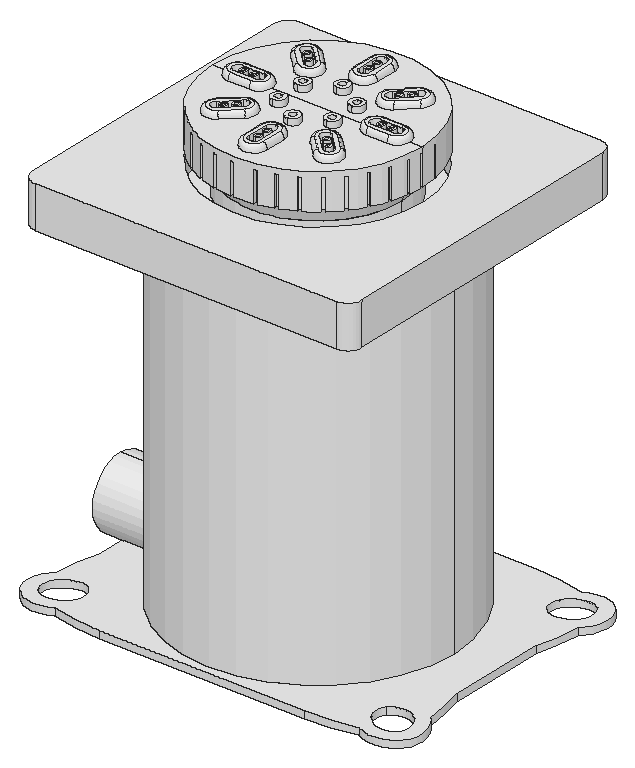
Revit family "xxxBody_Spray-Grohe-Rainshower-Aqua-26745_Series", category Plumbing Fixtures, host Face, Revit 2019
Family settings
  Host = Face
  Round Connector Dimension = Use Diameter
  Part Type = Normal
  OmniClass Number = 23.45.05.14.17
  OmniClass Title = Showers
  Cut with Voids When Loaded = No
  Shared = Yes
  Room Calculation Point = No
Parameters (values of type "26744000")
  Width = 2 15/16"
  Waste Connection = no
  WFU = 4  # constant formula
  Vent Connection = no
  URL = "https://www.grohe.us/"
  Type Comments = ""
  Tempered Water Connection Diameter = 1/2"  # constant formula
  Tempered Water Connection = yes
  Price = "Prices may vary. Please consult Manufacturer Representative for most up-to-date price list."  # constant formula
  Model = "26744000"
  Material = "Plastic-Grohe-000-Starlight Chrome"
  Manufacturer = "Grohe"  # constant formula
  Length = 7/8"
  HWFU = 3  # constant formula
  HW Connection = no
  Flow Rate = "0.9gpm (3.3 l/min)"
  Finish = Plastic-Grohe-000-Starlight Chrome
  Energy Policy Act of 1992 = yes
  Description = "Rainshower™ Aqua Body Spray- 2 Sprays"
  Default Elevation = 34"
  Creation Date = "03/23/2021"  # constant formula
  Concealed Body (3 3/16"- 4 5/16") = 3 3/16"
  Concealed Body Length = if([Concealed Body (3 3/16"- 4 5/16")] < 3 3/16", 3 3/16", if([Concealed Body (3 3/16"- 4 5/16")] > 4 5/16", 4 5/16", [Concealed Body (3 3/16"- 4 5/16")]))  # 3 3/16"
  Compliance Certifications = "Massachusetts Plumbing Board Approved, CSA B125.1"
  CalGreen Compliant = yes
  CWFU = 3  # constant formula
  CW Connection = no
  CEC Compliant = yes
  Assembly Code = "D2010710"
  ASME A112.18.1/CSA B125.1 = yes
Reference planes (in)
  plane 1 "Center (Front/Back)": y = 0
  plane 2: z = 0
  plane 3 "Center (Left/Right)": x = 0
  plane 4: x = -1.46875
  plane 5: x = 1.46875
  plane 6: z = 0.875
  plane 7: z = -3.1875
Forms (in)
  Revolve 1, solid, material "Plastic-Grohe-000-Starlight Chrome" <- "Finish"
    sketch origin (0, 0, -0.05123) x (-1, 0, 0) y (0, 0, -1)
      loop
        line (0, -0.05123) -> (-0.93512, -0.05123) -> (-0.93512, -0.19033) -> (-0.74674, -0.19033) -> (-0.74674, -0.375) -> (-0.83065, -0.55496) -> (-0.93512, -0.55496) -> (-0.93512, -0.875) -> (0, -0.875) -> (0, -0.05123)
      axis (0, -0.875) -> (0, -0.05123)
    angle from 0 to 360
  Extrusion 2, solid, material "Plastic-Grohe-000-Starlight Chrome" <- "Finish"
    sketch origin (0, 0, 0) x (0, 1, 0) y (-1, 0, 0)
      loop
        circle (0.27664, 0) r 0.0625
      loop
        circle (0.13634, -0.24071) r 0.0625
      loop
        circle (-0.27664, 0) r 0.0625
      loop
        circle (-0.13634, -0.24071) r 0.0625
      loop
        circle (0.13634, 0.24071) r 0.0625
      loop
        circle (-0.13634, 0.24071) r 0.0625
      loop
        circle (0.13634, -0.24071) r 0.03125
      loop
        circle (-0.13634, -0.24071) r 0.03125
      loop
        circle (0.27664, 0) r 0.03125
      loop
        circle (0.13634, 0.24071) r 0.03125
      loop
        circle (-0.13634, 0.24071) r 0.03125
      loop
        circle (-0.27664, 0) r 0.03125
      loop
        circle (0.66236, 0) r 0.03125
      loop
        circle (0.56811, 0) r 0.03125
      loop
        circle (0, -0.66236) r 0.03125
      loop
        circle (0, -0.56811) r 0.03125
      loop
        circle (0.46836, -0.46836) r 0.03125
      loop
        circle (0.40171, -0.40171) r 0.03125
      loop
        circle (0, -0.66236) r 0.01562
      loop
        circle (0, -0.56811) r 0.01563
      loop
        circle (0.46836, -0.46836) r 0.01562
      loop
        circle (0.40171, -0.40171) r 0.01562
      loop
        circle (0.56811, 0) r 0.01563
      loop
        circle (0.66236, 0) r 0.01562
      loop
        circle (-0.66236, 0) r 0.03125
      loop
        circle (-0.56811, 0) r 0.03125
      loop
        circle (-0.46836, -0.46836) r 0.03125
      loop
        circle (-0.40171, -0.40171) r 0.03125
      loop
        circle (-0.46836, -0.46836) r 0.01562
      loop
        circle (-0.40171, -0.40171) r 0.01562
      loop
        circle (-0.56811, 0) r 0.01563
      loop
        circle (-0.66236, 0) r 0.01562
      loop
        circle (0, 0.66236) r 0.03125
      loop
        circle (0, 0.56811) r 0.03125
      loop
        circle (0.46836, 0.46836) r 0.03125
      loop
        circle (0.40171, 0.40171) r 0.03125
      loop
        circle (0, 0.66236) r 0.01562
      loop
        circle (0, 0.56811) r 0.01563
      loop
        circle (0.46836, 0.46836) r 0.01562
      loop
        circle (0.40171, 0.40171) r 0.01562
      loop
        circle (-0.46836, 0.46836) r 0.03125
      loop
        circle (-0.40171, 0.40171) r 0.03125
      loop
        circle (-0.46836, 0.46836) r 0.01562
      loop
        circle (-0.40171, 0.40171) r 0.01562
    from 0.82377 to 0.875
  Sweep 3, solid, material "Plastic-Grohe-000-Starlight Chrome" <- "Finish"
    path origin (0, 0, 0.82377) x (1, 0, 0) y (0, 1, 0)
      loop
        arc (0.11245, 0.70949) -> (0, 0.82194) -> (-0.11245, 0.70949) r 0.11245
        line (-0.11245, 0.70949) -> (-0.11245, 0.52098)
        arc (-0.11245, 0.52098) -> (0, 0.40853) -> (0.11245, 0.52098) r 0.11245
        line (0.11245, 0.52098) -> (0.11245, 0.70949)
    profile origin (0.11245, 0.61523, 0.82377) x (1, 0, 0) y (0, 0, 1)
      loop
        spline (-0.00051, 0) -> (-0.00137, 0.00703) -> (-0.00263, 0.01381) -> (-0.00427, 0.02025) -> (-0.00627, 0.02628) -> (-0.00861, 0.0318) -> (-0.01125, 0.03674) -> (-0.01415, 0.04104) -> (-0.01729, 0.04464) -> (-0.02061, 0.04749) -> (-0.02408, 0.04956) -> (-0.02764, 0.05081) -> (-0.03125, 0.05123)
        line (-0.03125, 0.05123) -> (-0.06351, 0.05123) -> (-0.06351, 0) -> (-0.00051, 0)
  Sweep 4, solid, material "Plastic-Grohe-000-Starlight Chrome" <- "Finish"
    path origin (0, 0, 0.82377) x (0, -1, 0) y (1, 0, 0)
      loop
        arc (0.11245, 0.70949) -> (0, 0.82194) -> (-0.11245, 0.70949) r 0.11245
        line (-0.11245, 0.70949) -> (-0.11245, 0.52098)
        arc (-0.11245, 0.52098) -> (0, 0.40853) -> (0.11245, 0.52098) r 0.11245
        line (0.11245, 0.52098) -> (0.11245, 0.70949)
    profile origin (0.61523, -0.11245, 0.82377) x (0, -1, 0) y (0, 0, 1)
      loop
        spline (-0.00051, 0) -> (-0.00137, 0.00703) -> (-0.00263, 0.01381) -> (-0.00427, 0.02025) -> (-0.00627, 0.02628) -> (-0.00861, 0.0318) -> (-0.01125, 0.03674) -> (-0.01415, 0.04104) -> (-0.01729, 0.04464) -> (-0.02061, 0.04749) -> (-0.02408, 0.04956) -> (-0.02764, 0.05081) -> (-0.03125, 0.05123)
        line (-0.03125, 0.05123) -> (-0.06351, 0.05123) -> (-0.06351, 0) -> (-0.00051, 0)
  Sweep 5, solid, material "Plastic-Grohe-000-Starlight Chrome" <- "Finish"
    path origin (0, 0, 0.82377) x (-0.707107, 0.707107, 0) y (-0.707107, -0.707107, 0)
      loop
        line (0.11245, -0.70949) -> (0.11245, -0.52098)
        arc (0.11245, -0.52098) -> (0, -0.40853) -> (-0.11245, -0.52098) r 0.11245
        line (-0.11245, -0.52098) -> (-0.11245, -0.70949)
        arc (-0.11245, -0.70949) -> (0, -0.82194) -> (0.11245, -0.70949) r 0.11245
    profile origin (0.35552, 0.51455, 0.82377) x (0.707107, -0.707107, 0) y (0, 0, 1)
      loop
        line (0.00051, 0) -> (0.06351, 0) -> (0.06351, 0.05123) -> (0.03125, 0.05123)
        spline (0.03125, 0.05123) -> (0.02764, 0.05081) -> (0.02408, 0.04956) -> (0.02061, 0.04749) -> (0.01729, 0.04464) -> (0.01415, 0.04104) -> (0.01125, 0.03674) -> (0.00861, 0.0318) -> (0.00627, 0.02628) -> (0.00427, 0.02025) -> (0.00263, 0.01381) -> (0.00137, 0.00703) -> (0.00051, 0)
  Sweep 6, solid, material "Plastic-Grohe-000-Starlight Chrome" <- "Finish"
    path origin (0, 0, 0.82377) x (1, 0, 0) y (0, 1, 0)
      loop
        line (0.11245, -0.70949) -> (0.11245, -0.52098)
        arc (0.11245, -0.52098) -> (0, -0.40853) -> (-0.11245, -0.52098) r 0.11245
        line (-0.11245, -0.52098) -> (-0.11245, -0.70949)
        arc (-0.11245, -0.70949) -> (0, -0.82194) -> (0.11245, -0.70949) r 0.11245
    profile origin (0.11245, -0.61523, 0.82377) x (-1, 0, 0) y (0, 0, 1)
      loop
        line (0.00051, 0) -> (0.06351, 0) -> (0.06351, 0.05123) -> (0.03125, 0.05123)
        spline (0.03125, 0.05123) -> (0.02764, 0.05081) -> (0.02408, 0.04956) -> (0.02061, 0.04749) -> (0.01729, 0.04464) -> (0.01415, 0.04104) -> (0.01125, 0.03674) -> (0.00861, 0.0318) -> (0.00627, 0.02628) -> (0.00427, 0.02025) -> (0.00263, 0.01381) -> (0.00137, 0.00703) -> (0.00051, 0)
  Sweep 7, solid, material "Plastic-Grohe-000-Starlight Chrome" <- "Finish"
    path origin (0, 0, 0.82377) x (-0.707107, -0.707107, 0) y (0.707107, -0.707107, 0)
      loop
        arc (0.11245, 0.70949) -> (0, 0.82194) -> (-0.11245, 0.70949) r 0.11245
        line (-0.11245, 0.70949) -> (-0.11245, 0.52098)
        arc (-0.11245, 0.52098) -> (0, 0.40853) -> (0.11245, 0.52098) r 0.11245
        line (0.11245, 0.52098) -> (0.11245, 0.70949)
    profile origin (0.35552, -0.51455, 0.82377) x (-0.707107, -0.707107, 0) y (0, 0, 1)
      loop
        spline (-0.00051, 0) -> (-0.00137, 0.00703) -> (-0.00263, 0.01381) -> (-0.00427, 0.02025) -> (-0.00627, 0.02628) -> (-0.00861, 0.0318) -> (-0.01125, 0.03674) -> (-0.01415, 0.04104) -> (-0.01729, 0.04464) -> (-0.02061, 0.04749) -> (-0.02408, 0.04956) -> (-0.02764, 0.05081) -> (-0.03125, 0.05123)
        line (-0.03125, 0.05123) -> (-0.06351, 0.05123) -> (-0.06351, 0) -> (-0.00051, 0)
  Sweep 8, solid, material "Plastic-Grohe-000-Starlight Chrome" <- "Finish"
    path origin (0, 0, 0.82377) x (0, -1, 0) y (1, 0, 0)
      loop
        line (0.11245, -0.70949) -> (0.11245, -0.52098)
        arc (0.11245, -0.52098) -> (0, -0.40853) -> (-0.11245, -0.52098) r 0.11245
        line (-0.11245, -0.52098) -> (-0.11245, -0.70949)
        arc (-0.11245, -0.70949) -> (0, -0.82194) -> (0.11245, -0.70949) r 0.11245
    profile origin (-0.61523, -0.11245, 0.82377) x (0, 1, 0) y (0, 0, 1)
      loop
        line (0.00051, 0) -> (0.06351, 0) -> (0.06351, 0.05123) -> (0.03125, 0.05123)
        spline (0.03125, 0.05123) -> (0.02764, 0.05081) -> (0.02408, 0.04956) -> (0.02061, 0.04749) -> (0.01729, 0.04464) -> (0.01415, 0.04104) -> (0.01125, 0.03674) -> (0.00861, 0.0318) -> (0.00627, 0.02628) -> (0.00427, 0.02025) -> (0.00263, 0.01381) -> (0.00137, 0.00703) -> (0.00051, 0)
  Sweep 9, solid, material "Plastic-Grohe-000-Starlight Chrome" <- "Finish"
    path origin (0, 0, 0.82377) x (0.707107, 0.707107, 0) y (-0.707107, 0.707107, 0)
      loop
        arc (0.11245, 0.70949) -> (0, 0.82194) -> (-0.11245, 0.70949) r 0.11245
        line (-0.11245, 0.70949) -> (-0.11245, 0.52098)
        arc (-0.11245, 0.52098) -> (0, 0.40853) -> (0.11245, 0.52098) r 0.11245
        line (0.11245, 0.52098) -> (0.11245, 0.70949)
    profile origin (-0.35552, 0.51455, 0.82377) x (0.707107, 0.707107, 0) y (0, 0, 1)
      loop
        spline (-0.00051, 0) -> (-0.00137, 0.00703) -> (-0.00263, 0.01381) -> (-0.00427, 0.02025) -> (-0.00627, 0.02628) -> (-0.00861, 0.0318) -> (-0.01125, 0.03674) -> (-0.01415, 0.04104) -> (-0.01729, 0.04464) -> (-0.02061, 0.04749) -> (-0.02408, 0.04956) -> (-0.02764, 0.05081) -> (-0.03125, 0.05123)
        line (-0.03125, 0.05123) -> (-0.06351, 0.05123) -> (-0.06351, 0) -> (-0.00051, 0)
  Sweep 10, solid, material "Plastic-Grohe-000-Starlight Chrome" <- "Finish"
    path origin (0, 0, 0.82377) x (0.707107, -0.707107, 0) y (0.707107, 0.707107, 0)
      loop
        line (0.11245, -0.70949) -> (0.11245, -0.52098)
        arc (0.11245, -0.52098) -> (0, -0.40853) -> (-0.11245, -0.52098) r 0.11245
        line (-0.11245, -0.52098) -> (-0.11245, -0.70949)
        arc (-0.11245, -0.70949) -> (0, -0.82194) -> (0.11245, -0.70949) r 0.11245
    profile origin (-0.35552, -0.51455, 0.82377) x (-0.707107, 0.707107, 0) y (0, 0, 1)
      loop
        line (0.00051, 0) -> (0.06351, 0) -> (0.06351, 0.05123) -> (0.03125, 0.05123)
        spline (0.03125, 0.05123) -> (0.02764, 0.05081) -> (0.02408, 0.04956) -> (0.02061, 0.04749) -> (0.01729, 0.04464) -> (0.01415, 0.04104) -> (0.01125, 0.03674) -> (0.00861, 0.0318) -> (0.00627, 0.02628) -> (0.00427, 0.02025) -> (0.00263, 0.01381) -> (0.00137, 0.00703) -> (0.00051, 0)
  Extrusion 11, void
    sketch origin (0, 0, 0) x (1, 0, 0) y (0, 1, 0)
      loop
        arc (0, 0.93512) -> (-0.01563, 0.93499) -> (-0.03125, 0.9346) r 0.93512
        line (-0.03125, 0.9346) -> (-0.03125, 0.90333)
        arc (-0.03125, 0.90333) -> (-0.01563, 0.90374) -> (0, 0.90387) r 0.90387
        line (0, 0.90387) -> (0, 0.93512)
      loop
        line (-0.90387, 0) -> (-0.93512, 0)
        arc (-0.93512, 0) -> (-0.93499, -0.01563) -> (-0.9346, -0.03125) r 0.93512
        line (-0.9346, -0.03125) -> (-0.90333, -0.03125)
        arc (-0.90333, -0.03125) -> (-0.90374, -0.01563) -> (-0.90387, 0) r 0.90387
      loop
        line (-0.15696, 0.89014) -> (-0.16238, 0.92091)
        arc (-0.16238, 0.92091) -> (-0.17775, 0.91807) -> (-0.19307, 0.91497) r 0.93512
        line (-0.19307, 0.91497) -> (-0.18764, 0.88418)
        arc (-0.18764, 0.88418) -> (-0.17232, 0.88729) -> (-0.15696, 0.89014) r 0.90387
      loop
        line (-0.30914, 0.84936) -> (-0.31983, 0.87873)
        arc (-0.31983, 0.87873) -> (-0.33447, 0.87326) -> (-0.34902, 0.86755) r 0.93512
        line (-0.34902, 0.86755) -> (-0.33832, 0.83816)
        arc (-0.33832, 0.83816) -> (-0.32378, 0.84389) -> (-0.30914, 0.84936) r 0.90387
      loop
        line (-0.45194, 0.78277) -> (-0.46756, 0.80984)
        arc (-0.46756, 0.80984) -> (-0.48103, 0.80191) -> (-0.49436, 0.79376) r 0.93512
        line (-0.49436, 0.79376) -> (-0.47873, 0.76668)
        arc (-0.47873, 0.76668) -> (-0.4654, 0.77484) -> (-0.45194, 0.78277) r 0.90387
      loop
        line (-0.581, 0.69241) -> (-0.60108, 0.71634)
        arc (-0.60108, 0.71634) -> (-0.61297, 0.7062) -> (-0.62469, 0.69586) r 0.93512
        line (-0.62469, 0.69586) -> (-0.60459, 0.6719)
        arc (-0.60459, 0.6719) -> (-0.59288, 0.68226) -> (-0.581, 0.69241) r 0.90387
      loop
        line (-0.69241, 0.581) -> (-0.71634, 0.60108)
        arc (-0.71634, 0.60108) -> (-0.72629, 0.58903) -> (-0.73603, 0.57681) r 0.93512
        line (-0.73603, 0.57681) -> (-0.71208, 0.55671)
        arc (-0.71208, 0.55671) -> (-0.70235, 0.56894) -> (-0.69241, 0.581) r 0.90387
      loop
        line (-0.78277, 0.45194) -> (-0.80984, 0.46756)
        arc (-0.80984, 0.46756) -> (-0.81754, 0.45396) -> (-0.82501, 0.44024) r 0.93512
        line (-0.82501, 0.44024) -> (-0.79793, 0.4246)
        arc (-0.79793, 0.4246) -> (-0.79047, 0.43833) -> (-0.78277, 0.45194) r 0.90387
      loop
        line (-0.84936, 0.30914) -> (-0.87873, 0.31983)
        arc (-0.87873, 0.31983) -> (-0.88395, 0.3051) -> (-0.88892, 0.29029) r 0.93512
        line (-0.88892, 0.29029) -> (-0.85954, 0.27959)
        arc (-0.85954, 0.27959) -> (-0.85458, 0.29441) -> (-0.84936, 0.30914) r 0.90387
      loop
        arc (-0.89503, 0.12609) -> (-0.89272, 0.14154) -> (-0.89014, 0.15696) r 0.90387
        line (-0.89014, 0.15696) -> (-0.92091, 0.16238)
        arc (-0.92091, 0.16238) -> (-0.9235, 0.14697) -> (-0.92583, 0.13152) r 0.93512
        line (-0.92583, 0.13152) -> (-0.89503, 0.12609)
      loop
        line (0, -0.93512) -> (0, -0.90387)
        arc (0, -0.90387) -> (-0.01563, -0.90374) -> (-0.03125, -0.90333) r 0.90387
        line (-0.03125, -0.90333) -> (-0.03125, -0.9346)
        arc (-0.03125, -0.9346) -> (-0.01563, -0.93499) -> (0, -0.93512) r 0.93512
      loop
        arc (-0.15696, -0.89014) -> (-0.17232, -0.88729) -> (-0.18764, -0.88418) r 0.90387
        line (-0.18764, -0.88418) -> (-0.19307, -0.91497)
        arc (-0.19307, -0.91497) -> (-0.17775, -0.91807) -> (-0.16238, -0.92091) r 0.93512
        line (-0.16238, -0.92091) -> (-0.15696, -0.89014)
      loop
        arc (-0.30914, -0.84936) -> (-0.32378, -0.84389) -> (-0.33832, -0.83816) r 0.90387
        line (-0.33832, -0.83816) -> (-0.34902, -0.86755)
        arc (-0.34902, -0.86755) -> (-0.33447, -0.87326) -> (-0.31983, -0.87873) r 0.93512
        line (-0.31983, -0.87873) -> (-0.30914, -0.84936)
      loop
        arc (-0.45194, -0.78277) -> (-0.4654, -0.77484) -> (-0.47873, -0.76668) r 0.90387
        line (-0.47873, -0.76668) -> (-0.49436, -0.79376)
        arc (-0.49436, -0.79376) -> (-0.48103, -0.80191) -> (-0.46756, -0.80984) r 0.93512
        line (-0.46756, -0.80984) -> (-0.45194, -0.78277)
      loop
        arc (-0.581, -0.69241) -> (-0.59288, -0.68226) -> (-0.60459, -0.6719) r 0.90387
        line (-0.60459, -0.6719) -> (-0.62469, -0.69586)
        arc (-0.62469, -0.69586) -> (-0.61297, -0.7062) -> (-0.60108, -0.71634) r 0.93512
        line (-0.60108, -0.71634) -> (-0.581, -0.69241)
      loop
        arc (-0.69241, -0.581) -> (-0.70235, -0.56894) -> (-0.71208, -0.55671) r 0.90387
        line (-0.71208, -0.55671) -> (-0.73603, -0.57681)
        arc (-0.73603, -0.57681) -> (-0.72629, -0.58903) -> (-0.71634, -0.60108) r 0.93512
        line (-0.71634, -0.60108) -> (-0.69241, -0.581)
      loop
        arc (-0.78277, -0.45194) -> (-0.79047, -0.43833) -> (-0.79793, -0.4246) r 0.90387
        line (-0.79793, -0.4246) -> (-0.82501, -0.44024)
        arc (-0.82501, -0.44024) -> (-0.81754, -0.45396) -> (-0.80984, -0.46756) r 0.93512
        line (-0.80984, -0.46756) -> (-0.78277, -0.45194)
      loop
        arc (-0.84936, -0.30914) -> (-0.85458, -0.29441) -> (-0.85954, -0.27959) r 0.90387
        line (-0.85954, -0.27959) -> (-0.88892, -0.29029)
        arc (-0.88892, -0.29029) -> (-0.88395, -0.3051) -> (-0.87873, -0.31983) r 0.93512
        line (-0.87873, -0.31983) -> (-0.84936, -0.30914)
      loop
        line (-0.89503, -0.12609) -> (-0.92583, -0.13152)
        arc (-0.92583, -0.13152) -> (-0.9235, -0.14697) -> (-0.92091, -0.16238) r 0.93512
        line (-0.92091, -0.16238) -> (-0.89014, -0.15696)
        arc (-0.89014, -0.15696) -> (-0.89272, -0.14154) -> (-0.89503, -0.12609) r 0.90387
      loop
        arc (0.90387, 0) -> (0.90374, -0.01563) -> (0.90333, -0.03125) r 0.90387
        line (0.90333, -0.03125) -> (0.9346, -0.03125)
        arc (0.9346, -0.03125) -> (0.93499, -0.01563) -> (0.93512, 0) r 0.93512
        line (0.93512, 0) -> (0.90387, 0)
      loop
        arc (0.15696, 0.89014) -> (0.17232, 0.88729) -> (0.18764, 0.88418) r 0.90387
        line (0.18764, 0.88418) -> (0.19307, 0.91497)
        arc (0.19307, 0.91497) -> (0.17775, 0.91807) -> (0.16238, 0.92091) r 0.93512
        line (0.16238, 0.92091) -> (0.15696, 0.89014)
      loop
        arc (0.30914, 0.84936) -> (0.32378, 0.84389) -> (0.33832, 0.83816) r 0.90387
        line (0.33832, 0.83816) -> (0.34902, 0.86755)
        arc (0.34902, 0.86755) -> (0.33447, 0.87326) -> (0.31983, 0.87873) r 0.93512
        line (0.31983, 0.87873) -> (0.30914, 0.84936)
      loop
        arc (0.45194, 0.78277) -> (0.4654, 0.77484) -> (0.47873, 0.76668) r 0.90387
        line (0.47873, 0.76668) -> (0.49436, 0.79376)
        arc (0.49436, 0.79376) -> (0.48103, 0.80191) -> (0.46756, 0.80984) r 0.93512
        line (0.46756, 0.80984) -> (0.45194, 0.78277)
      loop
        arc (0.581, 0.69241) -> (0.59288, 0.68226) -> (0.60459, 0.6719) r 0.90387
        line (0.60459, 0.6719) -> (0.62469, 0.69586)
        arc (0.62469, 0.69586) -> (0.61297, 0.7062) -> (0.60108, 0.71634) r 0.93512
        line (0.60108, 0.71634) -> (0.581, 0.69241)
      loop
        arc (0.69241, 0.581) -> (0.70235, 0.56894) -> (0.71208, 0.55671) r 0.90387
        line (0.71208, 0.55671) -> (0.73603, 0.57681)
        arc (0.73603, 0.57681) -> (0.72629, 0.58903) -> (0.71634, 0.60108) r 0.93512
        line (0.71634, 0.60108) -> (0.69241, 0.581)
      loop
        arc (0.78277, 0.45194) -> (0.79047, 0.43833) -> (0.79793, 0.4246) r 0.90387
        line (0.79793, 0.4246) -> (0.82501, 0.44024)
        arc (0.82501, 0.44024) -> (0.81754, 0.45396) -> (0.80984, 0.46756) r 0.93512
        line (0.80984, 0.46756) -> (0.78277, 0.45194)
      loop
        arc (0.84936, 0.30914) -> (0.85458, 0.29441) -> (0.85954, 0.27959) r 0.90387
        line (0.85954, 0.27959) -> (0.88892, 0.29029)
        arc (0.88892, 0.29029) -> (0.88395, 0.3051) -> (0.87873, 0.31983) r 0.93512
        line (0.87873, 0.31983) -> (0.84936, 0.30914)
      loop
        line (0.89503, 0.12609) -> (0.92583, 0.13152)
        arc (0.92583, 0.13152) -> (0.9235, 0.14697) -> (0.92091, 0.16238) r 0.93512
        line (0.92091, 0.16238) -> (0.89014, 0.15696)
        arc (0.89014, 0.15696) -> (0.89272, 0.14154) -> (0.89503, 0.12609) r 0.90387
      loop
        line (0.15696, -0.89014) -> (0.16238, -0.92091)
        arc (0.16238, -0.92091) -> (0.17775, -0.91807) -> (0.19307, -0.91497) r 0.93512
        line (0.19307, -0.91497) -> (0.18764, -0.88418)
        arc (0.18764, -0.88418) -> (0.17232, -0.88729) -> (0.15696, -0.89014) r 0.90387
      loop
        line (0.30914, -0.84936) -> (0.31983, -0.87873)
        arc (0.31983, -0.87873) -> (0.33447, -0.87326) -> (0.34902, -0.86755) r 0.93512
        line (0.34902, -0.86755) -> (0.33832, -0.83816)
        arc (0.33832, -0.83816) -> (0.32378, -0.84389) -> (0.30914, -0.84936) r 0.90387
      loop
        line (0.45194, -0.78277) -> (0.46756, -0.80984)
        arc (0.46756, -0.80984) -> (0.48103, -0.80191) -> (0.49436, -0.79376) r 0.93512
        line (0.49436, -0.79376) -> (0.47873, -0.76668)
        arc (0.47873, -0.76668) -> (0.4654, -0.77484) -> (0.45194, -0.78277) r 0.90387
      loop
        line (0.581, -0.69241) -> (0.60108, -0.71634)
        arc (0.60108, -0.71634) -> (0.61297, -0.7062) -> (0.62469, -0.69586) r 0.93512
        line (0.62469, -0.69586) -> (0.60459, -0.6719)
        arc (0.60459, -0.6719) -> (0.59288, -0.68226) -> (0.581, -0.69241) r 0.90387
      loop
        line (0.69241, -0.581) -> (0.71634, -0.60108)
        arc (0.71634, -0.60108) -> (0.72629, -0.58903) -> (0.73603, -0.57681) r 0.93512
        line (0.73603, -0.57681) -> (0.71208, -0.55671)
        arc (0.71208, -0.55671) -> (0.70235, -0.56894) -> (0.69241, -0.581) r 0.90387
      loop
        line (0.78277, -0.45194) -> (0.80984, -0.46756)
        arc (0.80984, -0.46756) -> (0.81754, -0.45396) -> (0.82501, -0.44024) r 0.93512
        line (0.82501, -0.44024) -> (0.79793, -0.4246)
        arc (0.79793, -0.4246) -> (0.79047, -0.43833) -> (0.78277, -0.45194) r 0.90387
      loop
        line (0.84936, -0.30914) -> (0.87873, -0.31983)
        arc (0.87873, -0.31983) -> (0.88395, -0.3051) -> (0.88892, -0.29029) r 0.93512
        line (0.88892, -0.29029) -> (0.85954, -0.27959)
        arc (0.85954, -0.27959) -> (0.85458, -0.29441) -> (0.84936, -0.30914) r 0.90387
      loop
        arc (0.89503, -0.12609) -> (0.89272, -0.14154) -> (0.89014, -0.15696) r 0.90387
        line (0.89014, -0.15696) -> (0.92091, -0.16238)
        arc (0.92091, -0.16238) -> (0.9235, -0.14697) -> (0.92583, -0.13152) r 0.93512
        line (0.92583, -0.13152) -> (0.89503, -0.12609)
    from 0.50374 to 0.77977
  Extrusion 12, solid, material "Plastic-Grohe-000-Starlight Chrome" <- "Finish"
    sketch origin (0, 0, 0) x (1, 0, 0) y (0, 1, 0)
      loop
        spline (-1.35613, 1.23925) -> (-1.42148, 1.26562) -> (-1.48941, 1.27745) -> (-1.55621, 1.27408) -> (-1.61822, 1.25571) -> (-1.67205, 1.22333) -> (-1.71475, 1.17873) -> (-1.74397, 1.12434) -> (-1.75813, 1.06314) -> (-1.75644, 0.99848) -> (-1.739, 0.93391) -> (-1.70676, 0.87296) -> (-1.66149, 0.81896)
        arc (-1.66149, 0.81896) -> (-1.6376, 0.62636) -> (-1.59026, 0.43815) r 1.57826
        line (-1.59026, 0.43815) -> (-1.59026, -0.43815)
        arc (-1.59026, -0.43815) -> (-1.6376, -0.62636) -> (-1.66149, -0.81896) r 1.57826
        spline (-1.66149, -0.81896) -> (-1.70676, -0.87296) -> (-1.739, -0.93391) -> (-1.75644, -0.99848) -> (-1.75813, -1.06314) -> (-1.74397, -1.12434) -> (-1.71475, -1.17873) -> (-1.67205, -1.22333) -> (-1.61822, -1.25571) -> (-1.55621, -1.27408) -> (-1.48941, -1.27745) -> (-1.42148, -1.26562) -> (-1.35613, -1.23925)
        arc (-1.35613, -1.23925) -> (-1.13607, -1.2796) -> (-0.91251, -1.28843) r 1.57826
        arc (-0.91251, -1.28843) -> (0, -1.27407) -> (0.91251, -1.28843) r 29
        arc (0.91251, -1.28843) -> (1.13607, -1.2796) -> (1.35613, -1.23925) r 1.57826
        spline (1.35613, -1.23925) -> (1.42148, -1.26562) -> (1.48941, -1.27745) -> (1.55621, -1.27408) -> (1.61822, -1.25571) -> (1.67205, -1.22333) -> (1.71475, -1.17873) -> (1.74397, -1.12434) -> (1.75813, -1.06314) -> (1.75644, -0.99848) -> (1.739, -0.93391) -> (1.70676, -0.87296) -> (1.66149, -0.81896)
        arc (1.66149, -0.81896) -> (1.6376, -0.62636) -> (1.59026, -0.43815) r 1.57826
        line (1.59026, -0.43815) -> (1.59026, 0.43815)
        arc (1.59026, 0.43815) -> (1.6376, 0.62636) -> (1.66149, 0.81896) r 1.57826
        spline (1.66149, 0.81896) -> (1.70676, 0.87296) -> (1.739, 0.93391) -> (1.75644, 0.99848) -> (1.75813, 1.06314) -> (1.74397, 1.12434) -> (1.71475, 1.17873) -> (1.67205, 1.22333) -> (1.61822, 1.25571) -> (1.55621, 1.27408) -> (1.48941, 1.27745) -> (1.42148, 1.26562) -> (1.35613, 1.23925)
        arc (1.35613, 1.23925) -> (1.13607, 1.2796) -> (0.91251, 1.28843) r 1.57826
        arc (0.91251, 1.28843) -> (0, 1.27407) -> (-0.91251, 1.28843) r 29
        arc (-0.91251, 1.28843) -> (-1.13607, 1.2796) -> (-1.35613, 1.23925) r 1.57826
      loop
        spline (-1.32393, 0.89478) -> (-1.306, 0.92983) -> (-1.29917, 0.96967) -> (-1.30389, 1.01157) -> (-1.31984, 1.05268) -> (-1.34595, 1.0902) -> (-1.38042, 1.12158) -> (-1.42091, 1.14467) -> (-1.46466, 1.1579) -> (-1.50869, 1.16037) -> (-1.55, 1.15191) -> (-1.58577, 1.1331) -> (-1.61357, 1.10522)
        spline (-1.61357, 1.10522) -> (-1.6315, 1.07017) -> (-1.63833, 1.03033) -> (-1.63361, 0.98843) -> (-1.61766, 0.94732) -> (-1.59155, 0.9098) -> (-1.55708, 0.87842) -> (-1.51659, 0.85533) -> (-1.47284, 0.8421) -> (-1.42881, 0.83963) -> (-1.3875, 0.84809) -> (-1.35173, 0.8669) -> (-1.32393, 0.89478)
      loop
        spline (-1.32393, -0.89478) -> (-1.35173, -0.8669) -> (-1.3875, -0.84809) -> (-1.42881, -0.83963) -> (-1.47284, -0.8421) -> (-1.51659, -0.85533) -> (-1.55708, -0.87842) -> (-1.59155, -0.9098) -> (-1.61766, -0.94732) -> (-1.63361, -0.98843) -> (-1.63833, -1.03033) -> (-1.6315, -1.07017) -> (-1.61357, -1.10522)
        spline (-1.61357, -1.10522) -> (-1.58577, -1.1331) -> (-1.55, -1.15191) -> (-1.50869, -1.16037) -> (-1.46466, -1.1579) -> (-1.42091, -1.14467) -> (-1.38042, -1.12158) -> (-1.34595, -1.0902) -> (-1.31984, -1.05268) -> (-1.30389, -1.01157) -> (-1.29917, -0.96967) -> (-1.306, -0.92983) -> (-1.32393, -0.89478)
      loop
        spline (1.32393, 0.89478) -> (1.35173, 0.8669) -> (1.3875, 0.84809) -> (1.42881, 0.83963) -> (1.47284, 0.8421) -> (1.51659, 0.85533) -> (1.55708, 0.87842) -> (1.59155, 0.9098) -> (1.61766, 0.94732) -> (1.63361, 0.98843) -> (1.63833, 1.03033) -> (1.6315, 1.07017) -> (1.61357, 1.10522)
        spline (1.61357, 1.10522) -> (1.58577, 1.1331) -> (1.55, 1.15191) -> (1.50869, 1.16037) -> (1.46466, 1.1579) -> (1.42091, 1.14467) -> (1.38042, 1.12158) -> (1.34595, 1.0902) -> (1.31984, 1.05268) -> (1.30389, 1.01157) -> (1.29917, 0.96967) -> (1.306, 0.92983) -> (1.32393, 0.89478)
      loop
        spline (1.32393, -0.89478) -> (1.306, -0.92983) -> (1.29917, -0.96967) -> (1.30389, -1.01157) -> (1.31984, -1.05268) -> (1.34595, -1.0902) -> (1.38042, -1.12158) -> (1.42091, -1.14467) -> (1.46466, -1.1579) -> (1.50869, -1.16037) -> (1.55, -1.15191) -> (1.58577, -1.1331) -> (1.61357, -1.10522)
        spline (1.61357, -1.10522) -> (1.6315, -1.07017) -> (1.63833, -1.03033) -> (1.63361, -0.98843) -> (1.61766, -0.94732) -> (1.59155, -0.9098) -> (1.55708, -0.87842) -> (1.51659, -0.85533) -> (1.47284, -0.8421) -> (1.42881, -0.83963) -> (1.3875, -0.84809) -> (1.35173, -0.8669) -> (1.32393, -0.89478)
    from -3.125 to -3.1875
  Revolve 13, solid, material "Plastic-Grohe-000-Starlight Chrome" <- "Finish"
    sketch origin (0, 0, 0) x (1, 0, 0) y (0, 0, 1)
      loop
        line (0, -3.125) -> (0, 0) -> (-1.21875, 0) -> (-1.21875, -3.125) -> (0, -3.125)
      axis (0, -3.125) -> (0, 0)
    angle from 0 to 360
  Revolve 14, solid, material "Plastic-Grohe-000-Starlight Chrome" <- "Finish"
    sketch origin (0, 0, 0) x (1, 0, 0) y (0, 0, 1)
      loop
        line (0, -3.125) -> (-1.75937, -3.125) -> (-1.75937, -3.1875) -> (0, -3.1875) -> (0, -3.125)
      axis (-1.75937, -2.875) -> (0, -2.875)
    angle from 0 to 360
  Extrusion 15, solid, material "Plastic-Grohe-000-Starlight Chrome" <- "Finish"
    sketch origin (0, 0, 0) x (1, 0, 0) y (0, 1, 0)
      loop
        arc (-1.34375, 1.46875) -> (-1.43214, 1.43214) -> (-1.46875, 1.34375) r 0.125
        line (-1.46875, 1.34375) -> (-1.46875, -1.34375)
        arc (-1.46875, -1.34375) -> (-1.43214, -1.43214) -> (-1.34375, -1.46875) r 0.125
        line (-1.34375, -1.46875) -> (1.34375, -1.46875)
        arc (1.34375, -1.46875) -> (1.43214, -1.43214) -> (1.46875, -1.34375) r 0.125
        line (1.46875, -1.34375) -> (1.46875, 1.34375)
        arc (1.46875, 1.34375) -> (1.43214, 1.43214) -> (1.34375, 1.46875) r 0.125
        line (1.34375, 1.46875) -> (-1.34375, 1.46875)
      loop
        circle (0, 0) r 0.93512
    from 0 to 0.375
Cuts and joins
  Extrusion 11 cuts Revolve 1
  joined: Revolve 1, Extrusion 15
  joined: Extrusion 12, Revolve 13, Revolve 14
Lines and regions (in)
  Masking region 1
    outline origin (0, 0, 0) x (1, 0, 0) y (0, 0, 1)
      loop
        line (1.46875, 0) -> (1.46875, 0.375) -> (0.77062, 0.375) -> (0.83065, 0.50374) -> (0.93512, 0.50374) -> (0.93512, 0.82377) -> (0.82251, 0.82377)
        spline (0.82251, 0.82377) -> (0.8222, 0.83046) -> (0.82129, 0.83703) -> (0.81979, 0.84338) -> (0.81771, 0.84939) -> (0.81511, 0.85496) -> (0.81203, 0.86) -> (0.80851, 0.86441) -> (0.80462, 0.86814) -> (0.80042, 0.8711) -> (0.79598, 0.87325) -> (0.79139, 0.87456) -> (0.78672, 0.875)
        line (0.78672, 0.875) -> (-0.78672, 0.875)
        spline (-0.78672, 0.875) -> (-0.79139, 0.87456) -> (-0.79598, 0.87325) -> (-0.80042, 0.8711) -> (-0.80462, 0.86814) -> (-0.80851, 0.86441) -> (-0.81203, 0.86) -> (-0.81511, 0.85496) -> (-0.81771, 0.84939) -> (-0.81979, 0.84338) -> (-0.82129, 0.83703) -> (-0.8222, 0.83046) -> (-0.82251, 0.82377)
        line (-0.82251, 0.82377) -> (-0.93512, 0.82377) -> (-0.93512, 0.50374) -> (-0.83065, 0.50374) -> (-0.77062, 0.375) -> (-1.46875, 0.375) -> (-1.46875, 0) -> (-1.21875, 0) -> (-1.21875, -2.5625) -> (-1.75937, -2.5625) -> (-1.75937, -3.1875) -> (1.75937, -3.1875) -> (1.75937, -3.125) -> (1.21875, -3.125) -> (1.21875, 0) -> (1.46875, 0)
  symbolic lines, detail levels medium+fine
    curve 1: line (0.82143, 0, 0.82377) -> (-0.82143, 0, 0.82377)
    curve 2: line (0.77062, 0, 0.375) -> (-0.77062, 0, 0.375)
    curve 48: line (0.83065, 0, 0.50374) -> (-0.83065, 0, 0.50374)
    curve 55: line (1.75937, 0, -3.125) -> (-1.75937, 0, -3.125)
    curve 56: line (-1.20424, 0, -3.125) -> (-1.21875, 0, -2.5625)
    curve 63: line (-1.21875, 0, 0) -> (1.21875, 0, 0)
  symbolic lines, detail levels fine
    curve 3: line (0.88892, 0, 0.50374) -> (0.88892, 0, 0.77977)
    curve 4: line (0.82501, 0, 0.77977) -> (0.82501, 0, 0.50374)
    curve 5: line (0.73603, 0, 0.50374) -> (0.73603, 0, 0.77977)
    curve 6: line (0.62469, 0, 0.50374) -> (0.62469, 0, 0.77977)
    curve 7: line (0.49436, 0, 0.50374) -> (0.49436, 0, 0.77977)
    curve 8: line (0.34902, 0, 0.50374) -> (0.34902, 0, 0.77977)
    curve 9: line (0.19307, 0, 0.50374) -> (0.19307, 0, 0.77977)
    curve 10: line (0.79376, 0, 0.77977) -> (0.79376, 0, 0.50374)
    curve 11: line (0.70478, 0, 0.50374) -> (0.70478, 0, 0.77977)
    curve 12: line (0.59344, 0, 0.50374) -> (0.59344, 0, 0.77977)
    curve 13: line (0.46311, 0, 0.50374) -> (0.46311, 0, 0.77977)
    curve 14: line (0.31777, 0, 0.50374) -> (0.31777, 0, 0.77977)
    curve 15: line (0.16182, 0, 0.50374) -> (0.16182, 0, 0.77977)
    curve 16: line (0.85767, 0, 0.50374) -> (0.85767, 0, 0.77977)
    curve 17: line (0.88892, 0, 0.77977) -> (0.85767, 0, 0.77977)
    curve 18: line (0.82501, 0, 0.77977) -> (0.79376, 0, 0.77977)
    curve 19: line (0.73603, 0, 0.77977) -> (0.70478, 0, 0.77977)
    curve 20: line (0.62469, 0, 0.77977) -> (0.59344, 0, 0.77977)
    curve 21: line (0.49436, 0, 0.77977) -> (0.46311, 0, 0.77977)
    curve 22: line (0.34902, 0, 0.77977) -> (0.31777, 0, 0.77977)
    curve 23: line (0.19307, 0, 0.77977) -> (0.16182, 0, 0.77977)
    curve 24: line (-0.88892, 0, 0.50374) -> (-0.88892, 0, 0.77977)
    curve 25: line (-0.82501, 0, 0.77977) -> (-0.82501, 0, 0.50374)
    curve 26: line (-0.73603, 0, 0.50374) -> (-0.73603, 0, 0.77977)
    curve 27: line (-0.62469, 0, 0.50374) -> (-0.62469, 0, 0.77977)
    curve 28: line (-0.49436, 0, 0.50374) -> (-0.49436, 0, 0.77977)
    curve 29: line (-0.34902, 0, 0.50374) -> (-0.34902, 0, 0.77977)
    curve 30: line (-0.19307, 0, 0.50374) -> (-0.19307, 0, 0.77977)
    curve 31: line (-0.79376, 0, 0.77977) -> (-0.79376, 0, 0.50374)
    curve 32: line (-0.70478, 0, 0.50374) -> (-0.70478, 0, 0.77977)
    curve 33: line (-0.59344, 0, 0.50374) -> (-0.59344, 0, 0.77977)
    curve 34: line (-0.46311, 0, 0.50374) -> (-0.46311, 0, 0.77977)
    curve 35: line (-0.31777, 0, 0.50374) -> (-0.31777, 0, 0.77977)
    curve 36: line (-0.16182, 0, 0.50374) -> (-0.16182, 0, 0.77977)
    curve 37: line (-0.85767, 0, 0.50374) -> (-0.85767, 0, 0.77977)
    curve 38: line (-0.88892, 0, 0.77977) -> (-0.85767, 0, 0.77977)
    curve 39: line (-0.82501, 0, 0.77977) -> (-0.79376, 0, 0.77977)
    curve 40: line (-0.73603, 0, 0.77977) -> (-0.70478, 0, 0.77977)
    curve 41: line (-0.62469, 0, 0.77977) -> (-0.59344, 0, 0.77977)
    curve 42: line (-0.49436, 0, 0.77977) -> (-0.46311, 0, 0.77977)
    curve 43: line (-0.34902, 0, 0.77977) -> (-0.31777, 0, 0.77977)
    curve 44: line (-0.19307, 0, 0.77977) -> (-0.16182, 0, 0.77977)
    curve 45: line (0.01563, 0, 0.50374) -> (0.01563, 0, 0.77977)
    curve 46: line (-0.01562, 0, 0.50374) -> (-0.01562, 0, 0.77977)
    curve 47: line (0.01563, 0, 0.77977) -> (-0.01562, 0, 0.77977)
    curve 49: spline (0.61373, 0, 0.82377) -> (0.61352, 0, 0.83046) -> (0.61287, 0, 0.83703) -> (0.6118, 0, 0.84338) -> (0.61034, 0, 0.84939) -> (0.60849, 0, 0.85496) -> (0.60631, 0, 0.86) -> (0.60382, 0, 0.86441) -> (0.60106, 0, 0.86814) -> (0.59809, 0, 0.8711) -> (0.59495, 0, 0.87325) -> (0.5917, 0, 0.87456) -> (0.58839, 0, 0.875)
    curve 50: spline (0.28643, 0, 0.875) -> (0.28312, 0, 0.87456) -> (0.27987, 0, 0.87325) -> (0.27673, 0, 0.8711) -> (0.27376, 0, 0.86814) -> (0.271, 0, 0.86441) -> (0.26851, 0, 0.86) -> (0.26632, 0, 0.85496) -> (0.26448, 0, 0.84939) -> (0.26302, 0, 0.84338) -> (0.26195, 0, 0.83703) -> (0.2613, 0, 0.83046) -> (0.26109, 0, 0.82377)
    curve 51: spline (0.11008, 0, 0.82377) -> (0.10987, 0, 0.83046) -> (0.10922, 0, 0.83703) -> (0.10815, 0, 0.84338) -> (0.10669, 0, 0.84939) -> (0.10485, 0, 0.85496) -> (0.10266, 0, 0.86) -> (0.10017, 0, 0.86441) -> (0.09741, 0, 0.86814) -> (0.09444, 0, 0.8711) -> (0.0913, 0, 0.87325) -> (0.08805, 0, 0.87456) -> (0.08474, 0, 0.875)
    curve 52: spline (-0.08276, 0, 0.875) -> (-0.08607, 0, 0.87456) -> (-0.08932, 0, 0.87325) -> (-0.09246, 0, 0.8711) -> (-0.09543, 0, 0.86814) -> (-0.09819, 0, 0.86441) -> (-0.10068, 0, 0.86) -> (-0.10287, 0, 0.85496) -> (-0.10471, 0, 0.84939) -> (-0.10618, 0, 0.84338) -> (-0.10724, 0, 0.83703) -> (-0.10789, 0, 0.83046) -> (-0.1081, 0, 0.82377)
    curve 53: spline (-0.58373, 0, 0.87482) -> (-0.58722, 0, 0.87493) -> (-0.59069, 0, 0.87406) -> (-0.59407, 0, 0.87224) -> (-0.59728, 0, 0.8695) -> (-0.60029, 0, 0.8659) -> (-0.60301, 0, 0.86149) -> (-0.60542, 0, 0.85637) -> (-0.60745, 0, 0.85062) -> (-0.60907, 0, 0.84437) -> (-0.61025, 0, 0.83773) -> (-0.61097, 0, 0.83082) -> (-0.61121, 0, 0.82377)
    curve 54: spline (-0.28742, 0, 0.875) -> (-0.28411, 0, 0.87456) -> (-0.28086, 0, 0.87325) -> (-0.27772, 0, 0.8711) -> (-0.27475, 0, 0.86814) -> (-0.27199, 0, 0.86441) -> (-0.2695, 0, 0.86) -> (-0.26731, 0, 0.85496) -> (-0.26547, 0, 0.84939) -> (-0.26401, 0, 0.84338) -> (-0.26294, 0, 0.83703) -> (-0.26229, 0, 0.83046) -> (-0.26208, 0, 0.82377)
    curve 57: line (1.66149, 0, -3.1875) -> (1.66149, 0, -3.125)
    curve 58: line (1.59026, 0, -3.1875) -> (1.59026, 0, -3.125)
    curve 59: line (1.35613, 0, -3.1875) -> (1.35613, 0, -3.125)
    curve 60: line (-1.35613, 0, -3.1875) -> (-1.35613, 0, -3.125)
    curve 61: line (-1.59026, 0, -3.125) -> (-1.59026, 0, -3.1875)
    curve 62: line (-1.66149, 0, -3.1875) -> (-1.66149, 0, -3.125)
Dimensions and locks (in)
  equal spacing: plane 4, plane 3 "Center (Left/Right)", plane 5
  "Width": plane 4 to plane 5
  "Length": level to plane 6
  "Concealed Body Length": plane 7 to level
  locked: Extrusion 12 to Extrusion 12 at 0.0625
  Revolve 14 sketch curve to Revolve 14 sketch curve to Revolve 14 sketch curve = 1/16" locked, 1/4" locked
  plane 6 to Masking region 1 to host face = 1/2", 3/8"
  cut or joined group of Revolve 1, Extrusion 11, Extrusion 15 to plane 6 = 7/8"
  locked: Masking region 1 sketch curve to Masking region 1 sketch curve at 0.625
  equal spacing: Extrusion 15 sketch curve, plane 1 "Center (Front/Back)", Extrusion 15 sketch curve
  "Width": Extrusion 15 sketch curve to Extrusion 15 sketch curve
  aligned and locked: plane 2 to host face
  aligned and locked: level to host face
  aligned and locked: Extrusion 12 to plane 7
  aligned and locked: Extrusion 12 to Revolve 13 sketch curve
  aligned and locked: cut or joined group of Revolve 1, Extrusion 11, Extrusion 15 to Revolve 13 sketch curve
  aligned and locked: Revolve 13 sketch curve to plane 3 "Center (Left/Right)"
  aligned and locked: plane 3 "Center (Left/Right)" to Revolve 13 sketch curve
  aligned and locked: Masking region 1 sketch curve to cut or joined group of Revolve 1, Extrusion 11, Extrusion 15  (x3)
  aligned and locked: Masking region 1 sketch curve to Extrusion 2
  aligned and locked: cut or joined group of Revolve 1, Extrusion 11, Extrusion 15 to curve 5
  aligned and locked: cut or joined group of Revolve 1, Extrusion 11, Extrusion 15 to curve 6
  aligned and locked: cut or joined group of Revolve 1, Extrusion 11, Extrusion 15 to curve 7
  aligned and locked: cut or joined group of Revolve 1, Extrusion 11, Extrusion 15 to curve 8
  aligned and locked: cut or joined group of Revolve 1, Extrusion 11, Extrusion 15 to curve 9
  aligned and locked: plane 7 to Masking region 1 sketch curve
  aligned and locked: Masking region 1 sketch curve to Extrusion 12
  aligned and locked: Revolve 14 sketch curve to plane 7
  aligned and locked: curve 55 to cut or joined group of Extrusion 12, Revolve 13, Revolve 14
  aligned and locked: curve 57 to cut or joined group of Extrusion 12, Revolve 13, Revolve 14
  aligned and locked: curve 58 to cut or joined group of Extrusion 12, Revolve 13, Revolve 14
  aligned and locked: curve 59 to cut or joined group of Extrusion 12, Revolve 13, Revolve 14
  aligned and locked: curve 60 to cut or joined group of Extrusion 12, Revolve 13, Revolve 14
  aligned and locked: curve 61 to cut or joined group of Extrusion 12, Revolve 13, Revolve 14
  aligned and locked: curve 62 to cut or joined group of Extrusion 12, Revolve 13, Revolve 14
  aligned and locked: curve 63 to cut or joined group of Extrusion 12, Revolve 13, Revolve 14
  aligned and locked: plane 4 to Extrusion 15 sketch curve
  aligned and locked: Extrusion 15 sketch curve to plane 5
Automatic sketch dimensions
  host sketch curve to host sketch curve = 16.79273"
  host sketch curve to host sketch curve = 15.37528"
  Extrusion 2 sketch curve to Extrusion 2 sketch curve = 0"  (x46)
  Extrusion 2 sketch curve to plane 5 = 1 15/32"  (x6)
  plane 1 "Center (Front/Back)" to Extrusion 2 sketch curve = 0.66236"
  Extrusion 2 sketch curve to Extrusion 2 sketch curve = 0.09425"  (x4)
  Extrusion 2 sketch curve to Extrusion 2 sketch curve = 0.09975"  (x2)
  Extrusion 2 sketch curve to Extrusion 2 sketch curve = 0.06665"  (x8)
  Extrusion 2 sketch curve to Extrusion 2 sketch curve = 0.29147"  (x2)
  Extrusion 2 sketch curve to Extrusion 2 sketch curve = 0.1403"  (x3)
  Extrusion 2 sketch curve to Extrusion 2 sketch curve = 0.13634"  (x2)
  Extrusion 2 sketch curve to Extrusion 2 sketch curve = 0.27267"  (x2)
  Extrusion 2 sketch curve to Extrusion 2 sketch curve = 0.26538"  (x2)
  Extrusion 2 sketch curve to plane 5 = 1.22804"  (x2)
  Extrusion 2 sketch curve to Extrusion 2 sketch curve = 0.161"  (x4)
  Extrusion 2 sketch curve to Extrusion 2 sketch curve = 0.3274"  (x2)
  Extrusion 2 sketch curve to plane 5 = 1.70946"  (x2)
  Sweep 3 sketch curve to Revolve 1 = 0.52098"
  Sweep 3 sketch curve to Sweep 3 sketch curve = 0.11245"
  Sweep 3 sketch curve to Sweep 3 sketch curve = 0.18851"
  profile plane to Sweep 3 sketch curve = 0"
  profile plane to Sweep 3 sketch curve = 0.06351"
  profile plane to Sweep 3 sketch curve = 1/32"
  profile plane to Sweep 3 sketch curve = 0.00051"
  profile plane to Sweep 3 sketch curve = 0.05123"
  Sweep 3 sketch curve to profile plane = 0.01127"
  Revolve 1 to Sweep 4 sketch curve = 0"
  Sweep 4 sketch curve to Revolve 1 = 0.11245"
  Sweep 4 sketch curve to Sweep 4 sketch curve = 0.18851"
  profile plane to Sweep 4 sketch curve = 0"
  profile plane to Sweep 4 sketch curve = 0.06351"
  profile plane to Sweep 4 sketch curve = 1/32"
  profile plane to Sweep 4 sketch curve = 0.00051"
  profile plane to Sweep 4 sketch curve = 0.05123"
  Sweep 4 sketch curve to profile plane = 0.01127"
  Sweep 5 sketch curve to Revolve 1 = 0.28887"
  Sweep 5 sketch curve to Sweep 5 sketch curve = 0.11245"
  Sweep 5 sketch curve to Sweep 5 sketch curve = 0.18851"
  profile plane to Sweep 5 sketch curve = 0"
  Sweep 5 sketch curve to profile plane = 0.00051"
  Sweep 5 sketch curve to profile plane = 1/32"
  Sweep 5 sketch curve to Sweep 5 sketch curve = 0.03226"
  profile plane to Sweep 5 sketch curve = 0.05123"
  Sweep 5 sketch curve to profile plane = 0.01127"
  Revolve 1 to Sweep 6 sketch curve = 0.52098"
  Sweep 6 sketch curve to Sweep 6 sketch curve = 0.11245"
  Sweep 6 sketch curve to Sweep 6 sketch curve = 0.18851"
  profile plane to Sweep 6 sketch curve = 0"
  Sweep 6 sketch curve to profile plane = 0.00051"
  Sweep 6 sketch curve to profile plane = 1/32"
  Sweep 6 sketch curve to Sweep 6 sketch curve = 0.03226"
  profile plane to Sweep 6 sketch curve = 0.05123"
  Sweep 6 sketch curve to profile plane = 0.01127"
  Revolve 1 to Sweep 7 sketch curve = 0.28887"
  Sweep 7 sketch curve to Sweep 7 sketch curve = 0.11245"
  Sweep 7 sketch curve to Sweep 7 sketch curve = 0.18851"
  profile plane to Sweep 7 sketch curve = 0"
  profile plane to Sweep 7 sketch curve = 0.06351"
  profile plane to Sweep 7 sketch curve = 1/32"
  profile plane to Sweep 7 sketch curve = 0.00051"
  profile plane to Sweep 7 sketch curve = 0.05123"
  Sweep 7 sketch curve to profile plane = 0.01127"
  Sweep 8 sketch curve to Revolve 1 = 0"
  Sweep 8 sketch curve to Revolve 1 = 0.11245"
  Sweep 8 sketch curve to Sweep 8 sketch curve = 0.18851"
  profile plane to Sweep 8 sketch curve = 0"
  Sweep 8 sketch curve to profile plane = 0.00051"
  Sweep 8 sketch curve to profile plane = 1/32"
  Sweep 8 sketch curve to Sweep 8 sketch curve = 0.03226"
  profile plane to Sweep 8 sketch curve = 0.05123"
  Sweep 8 sketch curve to profile plane = 0.01127"
  Sweep 9 sketch curve to Revolve 1 = 0.28887"
  Sweep 9 sketch curve to Sweep 9 sketch curve = 0.11245"
  Sweep 9 sketch curve to Sweep 9 sketch curve = 0.18851"
  profile plane to Sweep 9 sketch curve = 0"
  profile plane to Sweep 9 sketch curve = 0.06351"
  profile plane to Sweep 9 sketch curve = 1/32"
  profile plane to Sweep 9 sketch curve = 0.00051"
  profile plane to Sweep 9 sketch curve = 0.05123"
  Sweep 9 sketch curve to profile plane = 0.01127"
  Revolve 1 to Sweep 10 sketch curve = 0.28887"
  Sweep 10 sketch curve to Sweep 10 sketch curve = 0.11245"
  Sweep 10 sketch curve to Sweep 10 sketch curve = 0.18851"
  profile plane to Sweep 10 sketch curve = 0"
  Sweep 10 sketch curve to profile plane = 0.00051"
  Sweep 10 sketch curve to profile plane = 1/32"
  Sweep 10 sketch curve to Sweep 10 sketch curve = 0.03226"
  profile plane to Sweep 10 sketch curve = 0.05123"
  Sweep 10 sketch curve to profile plane = 0.01127"
  Extrusion 11 sketch curve to Extrusion 11 sketch curve = 0"  (x5112)
  plane 1 "Center (Front/Back)" to Extrusion 11 sketch curve = 0"
  Extrusion 11 sketch curve to plane 3 "Center (Left/Right)" = 0"
  Extrusion 11 sketch curve to plane 3 "Center (Left/Right)" = 1/32"  (x2)
  Extrusion 11 sketch curve to Extrusion 11 sketch curve = 0.12571"  (x2)
  Extrusion 11 sketch curve to Extrusion 11 sketch curve = 0.00543"  (x4)
  Extrusion 11 sketch curve to Extrusion 11 sketch curve = 0.03068"  (x8)
  Extrusion 11 sketch curve to Extrusion 11 sketch curve = 0.12151"  (x4)
  Extrusion 11 sketch curve to Extrusion 11 sketch curve = 0.01069"  (x4)
  Extrusion 11 sketch curve to Extrusion 11 sketch curve = 0.02918"  (x4)
  Extrusion 11 sketch curve to Extrusion 11 sketch curve = 0.02919"  (x4)
  Extrusion 11 sketch curve to Extrusion 11 sketch curve = 0.11361"  (x4)
  Extrusion 11 sketch curve to Extrusion 11 sketch curve = 1/64"  (x4)
  Extrusion 11 sketch curve to Extrusion 11 sketch curve = 0.02679"  (x4)
  Extrusion 11 sketch curve to Extrusion 11 sketch curve = 0.0268"  (x4)
  Extrusion 11 sketch curve to Extrusion 11 sketch curve = 0.10227"  (x4)
  Extrusion 11 sketch curve to Extrusion 11 sketch curve = 0.02009"  (x4)
  Extrusion 11 sketch curve to Extrusion 11 sketch curve = 0.02359"  (x4)
  Extrusion 11 sketch curve to Extrusion 11 sketch curve = 0.0236"  (x4)
  Extrusion 11 sketch curve to Extrusion 11 sketch curve = 0.08782"  (x4)
  Extrusion 11 sketch curve to Extrusion 11 sketch curve = 0.01967"  (x4)
  Extrusion 11 sketch curve to Extrusion 11 sketch curve = 0.02394"  (x4)
  Extrusion 11 sketch curve to Extrusion 11 sketch curve = 0.01969"  (x4)
  Extrusion 11 sketch curve to Extrusion 11 sketch curve = 0.0707"  (x4)
  Extrusion 11 sketch curve to plane 1 "Center (Front/Back)" = 0.4246"  (x2)
  Extrusion 11 sketch curve to Extrusion 11 sketch curve = 0.01516"  (x4)
  plane 1 "Center (Front/Back)" to Extrusion 11 sketch curve = 0.4246"  (x2)
  Extrusion 11 sketch curve to Extrusion 11 sketch curve = 0.02706"  (x4)
  Extrusion 11 sketch curve to plane 1 "Center (Front/Back)" = 0.44024"  (x2)
  Extrusion 11 sketch curve to Extrusion 11 sketch curve = 0.01517"  (x4)
  plane 1 "Center (Front/Back)" to Extrusion 11 sketch curve = 0.44024"  (x2)
  plane 1 "Center (Front/Back)" to Extrusion 11 sketch curve = 0.30914"  (x2)
  Extrusion 11 sketch curve to Extrusion 11 sketch curve = 0.05143"  (x4)
  Extrusion 11 sketch curve to plane 1 "Center (Front/Back)" = 0.30914"  (x2)
  plane 1 "Center (Front/Back)" to Extrusion 11 sketch curve = 0.27959"  (x2)
  Extrusion 11 sketch curve to plane 1 "Center (Front/Back)" = 0.27959"  (x2)
  Extrusion 11 sketch curve to Extrusion 11 sketch curve = 0.02937"  (x4)
  plane 1 "Center (Front/Back)" to Extrusion 11 sketch curve = 0.29029"  (x2)
  Extrusion 11 sketch curve to Extrusion 11 sketch curve = 0.0102"  (x4)
  Extrusion 11 sketch curve to plane 1 "Center (Front/Back)" = 0.29029"  (x2)
  Extrusion 11 sketch curve to plane 1 "Center (Front/Back)" = 0.15696"  (x2)
  Extrusion 11 sketch curve to Extrusion 11 sketch curve = 0.0306"  (x4)
  plane 1 "Center (Front/Back)" to Extrusion 11 sketch curve = 0.15696"  (x2)
  Extrusion 11 sketch curve to plane 1 "Center (Front/Back)" = 0.12609"  (x2)
  plane 1 "Center (Front/Back)" to Extrusion 11 sketch curve = 0.12609"  (x2)
  plane 1 "Center (Front/Back)" to Extrusion 11 sketch curve = 1/32"  (x2)
  Extrusion 11 sketch curve to Extrusion 11 sketch curve = 0.0083"  (x2)
  plane 1 "Center (Front/Back)" to Extrusion 11 sketch curve = 0.16238"  (x2)
  Extrusion 11 sketch curve to Extrusion 11 sketch curve = 0.03078"  (x4)
  Extrusion 11 sketch curve to plane 1 "Center (Front/Back)" = 0.16238"  (x2)
  plane 1 "Center (Front/Back)" to Extrusion 11 sketch curve = 0.13152"  (x2)
  Extrusion 11 sketch curve to plane 1 "Center (Front/Back)" = 0.13152"  (x2)
  Extrusion 11 sketch curve to Extrusion 11 sketch curve = 1/32"  (x4)
  plane 3 "Center (Left/Right)" to Extrusion 11 sketch curve = 0.15696"  (x2)
  Extrusion 11 sketch curve to Extrusion 11 sketch curve = 0.10478"  (x4)
  Extrusion 11 sketch curve to Extrusion 11 sketch curve = 0.0201"  (x4)
  Extrusion 11 sketch curve to Extrusion 11 sketch curve = 0.09091"  (x4)
  Extrusion 11 sketch curve to Extrusion 11 sketch curve = 0.02395"  (x4)
  Extrusion 11 sketch curve to Extrusion 11 sketch curve = 0.07428"  (x4)
  Extrusion 11 sketch curve to Extrusion 11 sketch curve = 0.02708"  (x4)
  Extrusion 11 sketch curve to Extrusion 11 sketch curve = 0.05539"  (x4)
  Extrusion 11 sketch curve to Extrusion 11 sketch curve = 0.02938"  (x4)
  Extrusion 11 sketch curve to Extrusion 11 sketch curve = 0.03482"  (x4)
  Extrusion 11 sketch curve to Extrusion 11 sketch curve = 0.01319"  (x2)
  Extrusion 11 sketch curve to Extrusion 11 sketch curve = 0.03079"  (x4)
  Revolve 1 sketch curve to plane 3 "Center (Left/Right)" = 0"  (x2)
  Revolve 1 sketch curve to level = 0"
  Revolve 1 sketch curve to plane 5 = 0.53363"  (x2)
  Revolve 1 sketch curve to plane 6 = 0.05123"
  Revolve 1 sketch curve to Revolve 1 sketch curve = 0.10447"
  level to Revolve 1 sketch curve = 0.32377"
  Revolve 1 sketch curve to Revolve 1 sketch curve = 0.17996"
  level to Revolve 1 sketch curve = 0.13911"
  Revolve 1 sketch curve to Revolve 1 sketch curve = 4.80123"
  Revolve 1 sketch curve to Revolve 1 sketch curve = 3/4"
  Extrusion 12 sketch curve to plane 4 = 0"  (x4)
  Extrusion 12 sketch curve to plane 3 "Center (Left/Right)" = 0"  (x2)
  Extrusion 12 sketch curve to plane 5 = 0"  (x4)
  Extrusion 12 sketch curve to plane 4 = 0.12151"
  plane 1 "Center (Front/Back)" to Extrusion 12 sketch curve = 37/128"  (x2)
  plane 4 to Extrusion 12 sketch curve = 0.50658"  (x2)
  Extrusion 12 sketch curve to plane 1 "Center (Front/Back)" = 37/128"  (x2)
  Extrusion 12 sketch curve to plane 3 "Center (Left/Right)" = 0.08625"  (x2)
  plane 3 "Center (Left/Right)" to Extrusion 12 sketch curve = 0.08625"  (x2)
  Extrusion 12 sketch curve to plane 5 = 0.50658"
  plane 5 to Extrusion 12 sketch curve = 0.12151"
  plane 1 "Center (Front/Back)" to Extrusion 12 sketch curve = 0.43815"  (x2)
  plane 1 "Center (Front/Back)" to Extrusion 12 sketch curve = 0.91655"
  Extrusion 12 sketch curve to Extrusion 12 sketch curve = 0"  (x6)
  Extrusion 12 sketch curve to plane 1 "Center (Front/Back)" = 0.43815"  (x2)
  Extrusion 12 sketch curve to plane 1 "Center (Front/Back)" = 0.91655"
  Extrusion 12 sketch curve to Extrusion 12 sketch curve = 29.35752"
  Extrusion 12 sketch curve to plane 4 = 0.19274"  (x2)
  plane 4 to Extrusion 12 sketch curve = 0.11262"  (x2)
  plane 4 to Extrusion 12 sketch curve = 0.14482"  (x2)
  Extrusion 12 sketch curve to Extrusion 12 sketch curve = 0.10118"  (x4)
  Extrusion 12 sketch curve to Extrusion 12 sketch curve = 0.44362"  (x2)
  Extrusion 12 sketch curve to plane 5 = 0.246"  (x2)
  Extrusion 12 sketch curve to plane 5 = 0.11262"  (x2)
  plane 5 to Extrusion 12 sketch curve = 0.19274"  (x2)
  Extrusion 12 sketch curve to Extrusion 12 sketch curve = 0.00231"
  Extrusion 12 sketch curve to Extrusion 12 sketch curve = 0.07351"  (x4)
  plane 3 "Center (Left/Right)" to Extrusion 12 sketch curve = 0.91251"
  curve 51 to plane 6 = 0"
  curve 49 to plane 6 = 0"
  curve 15 to curve 9 = 1/32"
  plane 3 "Center (Left/Right)" to curve 45 = 1/64"
  curve 46 to plane 3 "Center (Left/Right)" = 1/64"
  curve 36 to curve 52 = 0.07906"
  curve 44 to curve 36 = 1/32"
  curve 35 to curve 54 = 0.03034"
  curve 43 to curve 35 = 1/32"
  curve 42 to curve 29 = 0.1141"
  curve 42 to curve 34 = 1/32"
  curve 41 to curve 33 = 1/32"
  curve 40 to curve 27 = 0.08009"
  curve 26 to curve 32 = 1/32"
  curve 39 to curve 26 = 0.05773"
  curve 39 to curve 31 = 1/32"
  curve 37 to curve 25 = 0.03266"
  curve 24 to curve 37 = 1/32"
  curve 22 to curve 8 = 1/32"
  curve 13 to curve 7 = 1/32"
  curve 20 to curve 6 = 1/32"
  curve 11 to curve 5 = 1/32"
  curve 5 to curve 18 = 0.05773"
  curve 10 to curve 18 = 1/32"
  curve 4 to curve 16 = 0.03266"
  curve 16 to curve 3 = 1/32"
  curve 18 to plane 6 = 0.09523"
  curve 19 to curve 10 = 0"
  curve 20 to curve 11 = 0"
  curve 21 to plane 6 = 0.09523"
  curve 22 to plane 6 = 0.09523"
  curve 23 to plane 6 = 0.09523"
  curve 17 to curve 4 = 0"
  curve 24 to plane 6 = 0.09523"
  curve 26 to plane 6 = 0.09523"
  curve 27 to curve 32 = 0"
  curve 28 to plane 6 = 0.09523"
  curve 29 to plane 6 = 0.09523"
  curve 30 to plane 6 = 0.09523"
  curve 31 to curve 26 = 0"
  curve 47 to plane 6 = 0.09523"
  curve 51 to curve 51 = 0.02535"
  curve 52 to curve 52 = 0.02535"
  curve 33 to curve 53 = 0.03292"
  curve 53 to curve 53 = 0.02535"
  curve 2 to curve 26 = 0.03459"
  curve 25 to curve 1 = 0.00358"
  curve 48 to curve 25 = 0.00564"
  curve 50 to curve 50 = 0.02535"
  curve 49 to curve 49 = 0.02535"
  curve 5 to curve 2 = 0.03459"
  curve 1 to curve 4 = 0.00358"
  curve 4 to curve 48 = 0.00564"
  curve 2 to curve 48 = 0.12874"
  curve 48 to curve 3 = 0"
  curve 48 to curve 37 = 0"
  curve 48 to curve 16 = 0"
  curve 37 to curve 24 = 0"
  curve 25 to curve 1 = 0.044"
  plane 4 to Revolve 13 sketch curve = 1/4"
  Revolve 13 sketch curve to plane 7 = 5/8"
  Revolve 13 sketch curve to Revolve 13 sketch curve = 3/4"
  Revolve 14 sketch curve to plane 3 "Center (Left/Right)" = 0"  (x2)
  Revolve 14 sketch curve to plane 4 = 0.29062"
  plane 3 "Center (Left/Right)" to Revolve 14 sketch curve = 1/4"
  curve 54 to plane 6 = 0"
